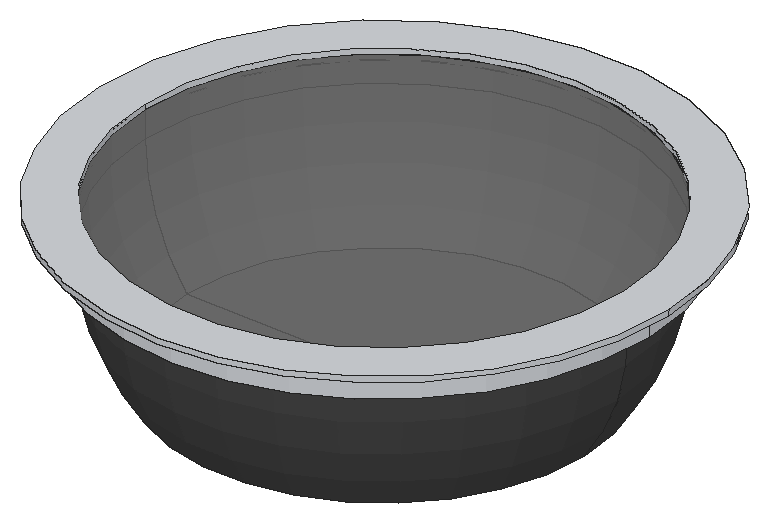
Revit family "3031846 Lighting Fixture_Sylvania_Syl-Lighter II_Ceiling Recessed", category Lighting Fixtures, host Face, Revit 2017
Family settings
  Host = Face
  Round Connector Dimension = Use Diameter
  Part Type = Normal
  OmniClass Number = 23.80.70.11.17
  OmniClass Title = Specialized Lighting by Location or Use
  Cut with Voids When Loaded = No
  Light Source = Yes
  Shared = No
  Room Calculation Point = No
Parameters (values of type "Syl-Lighter LED II 220 RO 21W NW DALI")
  Weight = 0.60 kg
  Wattage = 22.1941 W
  built-in parameter 1150110 = 1 (stored number, unit not read)
  Voltage Comments = "UNV (Universal Voltage; 220-240 Volt)"  # constant formula
  Voltage = 240 V  # constant formula
  URL = "http://www.sylvania-lighting.com"
  built-in parameter 1114217 = 1 (stored number, unit not read)
  Tilt Angle = -90.00°  # constant formula
  built-in parameter 1150109 = 1 (stored number, unit not read)
  built-in parameter 1150134 = 12
  Ta Rating = "-10°C to +40°C"  # constant formula
  built-in parameter 1150113 = 1 (stored number, unit not read)
  Recessed Depth = Height  # 60.0 mm
  IP Rating = "IP44"  # constant formula
  IK Rating = "IK07"  # constant formula
  Energy Class = "A++, A+, A"  # constant formula
  Dimmable = "DALI"  # constant formula
  Catalog Number = "3031846 Syl-Lighter LED II 220 RO 21W NW DALI"
  Body Material = Metal_Sylvania_Syl-Lighter LED II_Silver
  Product Page URL = "http://www.sylvania-lighting.com/product/en-int/products/3031846"
  Product Family = "SYL-LIGHTER LED II"  # constant formula
  Photometry Comments = ""
  Photometric Web File = "3031846.ies"
  built-in parameter 1150105 = 167.27 (stored number, unit not read)
  Lumens = 2102 lm
  built-in parameter 1150115 = 1 (stored number, unit not read)
  built-in parameter 1150137 = (empty or 0)
  built-in parameter 1150139 = (empty or 0)
  Life = "50 000h"  # constant formula
  built-in parameter 1150112 = 1 (stored number, unit not read)
  built-in parameter 1150114 = 1 (stored number, unit not read)
  Lamp Comments = "Integrated LED"
  built-in parameter 1150132 = 2
  built-in parameter 1150102 = (empty or 0)
  built-in parameter 1150107 = 4000 (stored number, unit not read)
  built-in parameter 1150138 = (empty or 0)
  built-in parameter 1150106 = 1.6727 (stored number, unit not read)
  Glow Wire Test = 650 °C  # constant formula
  Emit from Circle Diameter = Diffuser Diameter  # 185.0 mm
  Emit Shape Visible in Rendering = no
  built-in parameter 1150104 = 8.7988 (stored number, unit not read)
  Drive Current = "600mA"
  Dimming Lamp Color Temperature Shift = <None>
  Diffuser Radius = Diffuser Diameter / 2  # 92.5 mm
  Diffuser Diameter = Diameter - 20.0 mm  # 185.0 mm
  Inner Diameter = Diameter - 4.0 mm  # 201.0 mm
  Cutout Diameter = Diameter  # 205.0 mm
  Color Filter = 16777215
  Beam Angle = 74.00°
  built-in parameter 1114218 = 1 (stored number, unit not read)
  built-in parameter 1150133 = 10 (stored number, unit not read)
  Height = 60.0 mm
  Electrical Protection = "CLASS II"  # constant formula
  built-in parameter 1114216 [instance] = 1 (stored number, unit not read)
  Model = "Syl-Lighter LED II 220 RO 21W NW DALI"
  Manufacturer = "Feilo Sylvania"  # constant formula
  Lamp = "LED"
  Diffuser Material = Polycarbonate_Sylvania_Syl-Lighter LED II_Opal
  Description = "Ceiling recessed IP44 LED downlight, perfect where limited ceiling void is available with only 60mm product depth and 205mm cutout. Ideal replacement for 1x42W CFL downlights. The polycarbonate diffuser allows for a wider light distribution and increased spacings between luminiares. Loop in loop out connector allows for quick installation. Die-cast aluminium body, 2102LM, 21W, 100lm/W, 4000K, Driver Current: 600mA, CRI80, 74° beam angle, Dali dimmable LED driver, IP44, IK07, 50,000 hrs (L70), (HxW) 60x205mm, 5 step MacAdam ellipse, 0.60kg, RAL9003, Class 2, 220-240V, energy class: A++, A+, A"  # constant formula
  Default Elevation = 0.0 mm
  built-in parameter 1140040 [instance] = 1
  Assembly Code = "D5020200"
  Apparent Load Comments = ""
  Apparent Load = 21 VA
  Accessory Radius = Accessory Diameter / 2  # 110.0 mm
  Accessory Material = Aluminum_Sylvania_Syl-Lighter LED II_White_RAL 9003
  Diameter = 205.0 mm
  Accessory Diameter = 220.0 mm
Reference planes
  plane 1 "Center (Front/Back)": y = 0
  plane 2: z = 0
  plane 3 "Center (Left/Right)": x = 0
  plane 4 "Fixture Bottom": z = 2
  plane 5: z = -10
  plane 6 "Fixture Top": z = -60
  plane 7: z = -2
Forms (mm)
  Extrusion 1, void
    sketch origin (0, 0, 58) x (-1, 0, 0) y (0, -1, 0)
      loop
        circle (0, 0) r 102.5
    from -171 to -55
  Extrusion 2, solid, detail levels fine
    sketch origin (0, 0, 58) x (-1, 0, 0) y (0, -1, 0)
      loop
        circle (0, 0) r 102.5
      loop
        circle (0, 0) r 100.5
    from -68 to -58
  Extrusion 3, solid, detail levels fine
    sketch origin (0, 0, 58) x (-1, 0, 0) y (0, -1, 0)
      loop
        circle (0, 0) r 110
      loop
        circle (0, 0) r 92.5
    from -58 to -56
  Extrusion 4, solid, material "Polycarbonate_Sylvania_Syl-Lighter LED II_Opal" <- "Diffuser Material", detail levels fine
    sketch origin (0, 0, 58) x (-1, 0, 0) y (0, -1, 0)
      loop
        circle (0, 0) r 92.5
    from -60 to -58
  Revolve 5, solid, material "Metal_Sylvania_Syl-Lighter LED II_Silver" <- "Body Material", detail levels fine
    sketch origin (0, 0, 0) x (1, 0, 0) y (0, 0, 1)
      loop
        line (-92.5, 0) -> (-94.5, 0) -> (-94.5, -10)
        arc (-94.5, -10) -> (-90.134, -36.405) -> (-77.5, -60) r 82.029
        line (-77.5, -60) -> (0, -60) -> (0, -58) -> (-76.507, -58)
        arc (-76.507, -58) -> (-88.397, -35.297) -> (-92.5, -10) r 80.029
        line (-92.5, -10) -> (-92.5, 0)
      axis (0, -60) -> (0, 0)
    angle from 0 to 360
  Revolve 6, solid, material "Aluminum_Sylvania_Syl-Lighter LED II_White_RAL 9003" <- "Accessory Material", detail levels coarse+medium
    sketch origin (0, 0, 0) x (1, 0, 0) y (0, 0, 1)
      loop
        line (-110, 2) -> (-110, 0) -> (-102.5, 0) -> (-102.5, -10) -> (-94.5, -10)
        arc (-94.5, -10) -> (-90.134, -36.405) -> (-77.5, -60) r 82.029
        line (-77.5, -60) -> (0, -60) -> (0, 2) -> (-110, 2)
      axis (0, 2) -> (0, -60)
    angle from 0 to 360
Cuts and joins
  joined: Extrusion 2, Extrusion 3
Lines and regions (mm)
  Masking region 1
    outline origin (0, 0, 58) x (-1, 0, 0) y (0, -1, 0)
      loop
        circle (0, 0) r 110
  symbolic lines, detail levels fine
    curve 1: arc (-92.5, 0, 58) -> (0, 92.5, 58) -> (92.5, 0, 58) r 92.5
    curve 2: arc (92.5, 0, 58) -> (0, -92.5, 58) -> (-92.5, 0, 58) r 92.5
Dimensions and locks
  locked: plane 4 "Fixture Bottom" to plane 2 at 2
  locked: plane 2 to plane 5 at 10
  "Height": plane 2 to plane 6 "Fixture Top"
  locked: plane 2 to plane 7 at 2
  "Diffuser Radius": plane 3 "Center (Left/Right)" to Revolve 5 sketch curve
  locked: Revolve 5 sketch curve to Revolve 5 sketch curve at 2
  locked: Revolve 5 sketch curve to Revolve 5 sketch curve at 15
  "Accessory Radius": plane 3 "Center (Left/Right)" to Revolve 6 sketch curve
  Revolve 6 sketch curve to Revolve 6 sketch curve to Revolve 6 sketch curve to Revolve 6 sketch curve = 7.5 mm locked, 8.0 mm locked, 17.0 mm locked
  "Cutout Diameter": diameter of Extrusion 1 sketch curve
  "Diameter": diameter of Extrusion 2 sketch curve
  "Inner Diameter": diameter of Extrusion 2 sketch curve
  "Accessory Diameter": diameter of Extrusion 3 sketch curve
  "Diffuser Diameter": diameter of Extrusion 3 sketch curve
  "Diffuser Diameter": diameter of Extrusion 4 sketch curve
  "Accessory Diameter": diameter of Masking region 1 sketch curve
  aligned and locked: host face to plane 2
  aligned and locked: host face to level
  aligned and locked: plane 4 "Fixture Bottom" to Extrusion 3
  aligned and locked: Extrusion 3 to plane 2
  aligned and locked: Extrusion 2 to plane 5
  aligned and locked: plane 2 to Extrusion 2
  aligned and locked: Extrusion 4 to plane 7
  aligned and locked: plane 2 to Extrusion 4
  aligned and locked: Revolve 5 sketch curve to plane 2
  aligned and locked: plane 5 to Revolve 5 sketch curve  (x2)
  aligned and locked: Revolve 5 sketch curve to plane 3 "Center (Left/Right)"
  aligned and locked: plane 3 "Center (Left/Right)" to Revolve 5 sketch curve
  aligned and locked: Revolve 6 sketch curve to plane 5
  aligned and locked: Revolve 6 sketch curve to plane 2
  aligned and locked: Revolve 6 sketch curve to plane 4 "Fixture Bottom"
  aligned and locked: plane 3 "Center (Left/Right)" to Revolve 6 sketch curve
  aligned and locked: Revolve 6 sketch curve to plane 3 "Center (Left/Right)"
  aligned and locked: plane 3 "Center (Left/Right)" to imposter light
  aligned and locked: imposter light to plane 1 "Center (Front/Back)"
  aligned and locked: imposter light to plane 4 "Fixture Bottom"
  aligned and locked: curve 1 to cut or joined group of Extrusion 2, Extrusion 3
Automatic sketch dimensions
  host sketch curve to host sketch curve = 700.0 mm
  host sketch curve to host sketch curve = 620.0 mm
  plane 1 "Center (Front/Back)" to Extrusion 1 sketch curve = 0.0 mm
  Extrusion 1 sketch curve to plane 3 "Center (Left/Right)" = 0.0 mm
  Extrusion 2 sketch curve to Extrusion 2 sketch curve = 0.0 mm  (x2)
  plane 1 "Center (Front/Back)" to Extrusion 2 sketch curve = 0.0 mm
  Extrusion 2 sketch curve to plane 3 "Center (Left/Right)" = 0.0 mm
  Extrusion 3 sketch curve to Extrusion 3 sketch curve = 0.0 mm  (x2)
  plane 1 "Center (Front/Back)" to Extrusion 3 sketch curve = 0.0 mm
  Extrusion 3 sketch curve to plane 3 "Center (Left/Right)" = 0.0 mm
  plane 1 "Center (Front/Back)" to Extrusion 4 sketch curve = 0.0 mm
  Extrusion 4 sketch curve to plane 3 "Center (Left/Right)" = 0.0 mm
  Revolve 5 sketch curve to Revolve 5 sketch curve = 0.0 mm
  Revolve 5 sketch curve to plane 6 "Fixture Top" = 0.0 mm
  plane 6 "Fixture Top" to Revolve 5 sketch curve = 2.0 mm
  Revolve 5 sketch curve to Revolve 5 sketch curve = 17.111 mm
  plane 4 "Fixture Bottom" to Revolve 5 sketch curve = 20.889 mm
  Revolve 6 sketch curve to plane 6 "Fixture Top" = 0.0 mm
  Revolve 6 sketch curve to plane 6 "Fixture Top" = 63.885 mm
  Revolve 6 sketch curve to Revolve 6 sketch curve = 84.115 mm
  plane 1 "Center (Front/Back)" to Masking region 1 sketch curve = 0.0 mm
  Masking region 1 sketch curve to plane 3 "Center (Left/Right)" = 0.0 mm
Connectors
  electrical at (0, 0, -60), driven by "Apparent Load", driven by "Voltage"
    settings: on Revolve 5, index 1, voltage 240 V, apparent load 0 VA, apparent load phase1 21 VA, apparent load phase2 0 VA, apparent load phase3 0 VA, power factor 1, load classification "Lighting", number of poles 1, system type 31, power factor state 1, is connector primary yes, connector utility no, sub classification motor no, connector description ""
